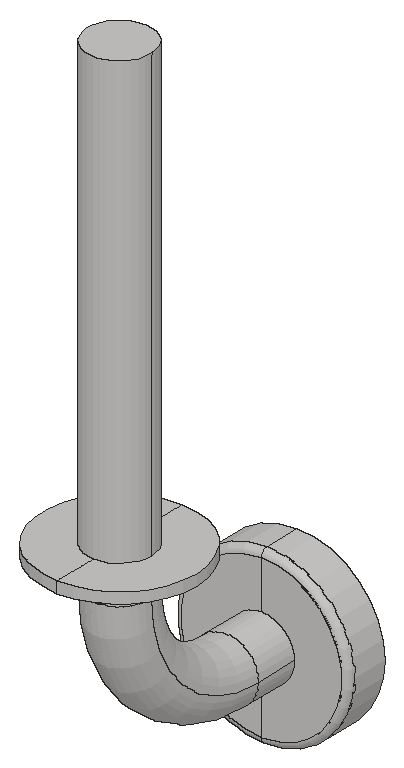
Revit family
Parameters (values of type "B-541")
  URL = "http://www.bobrick.com/"
  Revised Date = "09/03/2013"
  Product URL = "http://www.bobrick.com/washroomaccessories/Pages/ProductDetails.aspx?Product+Number=B-541"
  Phone # = "416.250.5656"
  Model = "B-541"
  Material = Stainless Steel
  Manufacturer = "Bobrick"
  Designed By = "ATS BIM Team"
  Description = "Spare Toilet Roll Holder"
  Assembly Code = "E2020200"
Reference planes (in)
  plane 1 "Center (Front/Back)": y = 0
  plane 2: z = 0
  plane 3 "Center (Left/Right)": x = 0
  plane 4: z = 7
  plane 5: y = -2.5
  plane 6: z = 1.9375
Forms (in)
  Revolve 1, solid, material "Stainless Steel" <- "Material"
    sketch origin (0, 0, 0) x (0, 1, 0) y (0, 0, 1)
      loop
        line (0, 0) -> (0, 0.98425) -> (-0.41968, 0.98425)
        arc (-0.41968, 0.98425) -> (-0.47648, 0.96073) -> (-0.5, 0.90393) r 0.08032
        line (-0.5, 0.90393) -> (-0.5, 0) -> (0, 0)
      axis (-0.5, 0) -> (0, 0)
    angle from 0 to 360
  Sweep 2, solid, material "Stainless Steel" <- "Material"
    path origin (0, 0, 0) x (0, 1, 0) y (0, 0, 1)
      loop
        line (0, 0) -> (-1, 0)
        arc (-1, 0) -> (-2.06066, 0.43934) -> (-2.5, 1.5) r 1.5
        line (-2.5, 1.5) -> (-2.5, 7)
    profile origin (0, -0.5, 0) x (0, 0, -1) y (1, 0, 0)
      loop
        circle (0, 0) r 0.3644
  Revolve 3, solid, material "Stainless Steel" <- "Material"
    sketch origin (0, 0, 0) x (0, 1, 0) y (0, 0, 1)
      loop
        line (-2.5, 1.9375) -> (-3.37629, 1.9375) -> (-3.37629, 1.8125) -> (-2.5, 1.8125) -> (-2.5, 1.9375)
      axis (-2.5, 1.9375) -> (-2.5, 1.8125)
    angle from 0 to 360
Cuts and joins
  joined: Revolve 1, Sweep 2, Revolve 3
Dimensions and locks (in)
  plane 4 to plane 6 = 0' - 5 1/16"
  plane 5 to plane 1 "Center (Front/Back)" = 0' - 2 1/2"
  plane 4 to level = 0' - 7"
